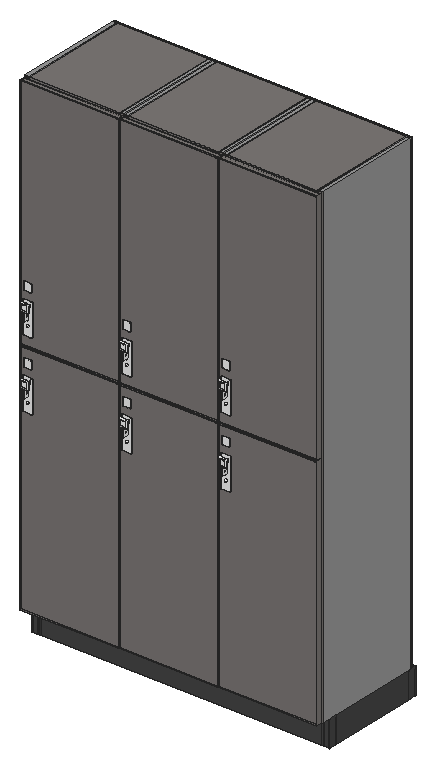
Revit family "Wood_Lockers_Hasps-Salsbury_Industries-15_42000_Series-3_Wide_Units.rfa", category Specialty Equipment, Revit 2016
Family settings
  Part Type = Normal
  Round Connector Dimension = Use Diameter
  OmniClass Number = 23.40.00.00
  OmniClass Title = Equipment and Furnishings
  Work Plane-Based = No
  Always vertical = Yes
  Cut with Voids When Loaded = No
  Shared = No
  Room Calculation Point = No
Parameters (values of type "15-42368")
  Width = 45.000"
  Version = "1.0 (01/31/24)"
  Unit Height including Sloping Hood Only [instance] = 78.868"
  Unit Height including Base Only [instance] = 76.000"
  URL = "www.lockers.com"
  Type Comments = "Premier Wood Lockers - Double Tier - with Hasps"
  Total Doors Height [instance] = if(Unit Height = 72.000", 71.750", if(Unit Height = 60.000", 59.750", 0.000"))  # 71.750"
  Sloping Top Corner Filler - Right Side [instance] = Wood Locker Sloping Corner Fillers : None
  Sloping Top Corner Filler - Left Side [instance] = Wood Locker Sloping Corner Fillers : None
  Sloping In-Line Filler - Right Side [instance] = Wood Locker Sloping In-Line Fillers : None
  Sloping In-Line Filler - Left Side [instance] = Wood Locker Sloping In-Line Fillers : None
  Sloping Hood Height = if(Depth = 15.000", 5.743", if(Depth = 18.000", 6.868", if(Depth = 21.000", 7.993", if(Depth = 24.000", 9.118", 0.000"))))  # 6.868"
  Sloping Hood [instance] = Wood Locker Sloping Hoods : None
  Side Panel without Slope - Right Side [instance] = Wood Locker Side Panels-No Slope : None
  Side Panel without Slope - Left Side [instance] = Wood Locker Side Panels-No Slope : None
  Side Panel with Slope - Right Side [instance] = Wood Locker Side Panels-With Slope : None
  Side Panel with Slope - Left Side [instance] = Wood Locker Side Panels-With Slope : None
  Secondary Structure Materials = Particle Board Industrial Grade - Salsbury Finish - Black Melamine Overlay
  Primary Structure Materials = Particle Board Industrial Grade - Salsbury Finish - Plain
  Overall Unit Height including Base and Sloping Hood [instance] = 82.868"
  OmniClass 23 Title = "Equipment and Furnishings"
  OmniClass 23 Number = "23.40.00.00"
  Model = "15-42368"
  MasterFormat Title = "Lockers"
  MasterFormat Code = "10 51 23"
  Manufacturer = "Salsbury Industries"
  Laminate Surface [instance] = Industrial Grade Particleboard with Wood Laminate - Salsbury Finish - Skyline Walnut
  Unit Height = 72.000"
  Interior Material = Textured Melamine - Salsbury Finish - White
  Individual Door Width [instance] = 14.875"
  Individual Door Height = if(Unit Height = 72.000", 35.781", if(Unit Height = 60.000", 29.781", 0.000"))  # 35.781"
  Hardware = Aluminum - Salsbury Finish - Black Satin
  Front Vertical Filler - Right Side [instance] = Wood Locker Front Fillers : None
  Front Vertical Filler - Left Side [instance] = Wood Locker Front Fillers : None
  Front Corner Filler - Right Side [instance] = Wood Locker Front Corner Filler : None
  Front Corner Filler - Left Side [instance] = Wood Locker Front Corner Filler : None
  Flat Top In-Line Filler - Right Side [instance] = Wood Locker Flat In-Line Fillers : None
  Flat Top In-Line Filler - Left Side [instance] = Wood Locker Flat In-Line Fillers : None
  Flat Top Corner Filler - Right Side [instance] = Wood Locker Flat Corner Fillers : None
  Flat Top Corner Filler - Left Side [instance] = Wood Locker Flat Corner Fillers : None
  Fascia Filler [instance] = Wood Locker Fascia Fillers : None
  Double Side Panel without Slope - Right Side [instance] = Wood Locker Double Side Panels-No Slope : None
  Double Side Panel without Slope - Left Side [instance] = Wood Locker Double Side Panels-No Slope : None
  Double Side Panel with Slope - Right Side [instance] = Wood Locker Double Side Panels-With Slope : None
  Double Side Panel with Slope - Left Side [instance] = Wood Locker Double Side Panels-With Slope : None
  Door Location D2 = Premier Locker Doors_Hasp : Double Tier Door-2 for Six Foot High Locker
  Door Location D1 = Premier Locker Doors_Hasp : Double Tier Door-1 for Six Foot High Locker
  Description = "3 Wide - 6 Feet High - 18 inches Deep - with Base"
  Depth = 18.000"
  Compartment Width [instance] = 13.750"
  Compartment Height [instance] = if(Unit Height = 72.000", 34.875", if(Unit Height = 60.000", 28.875", 0.000"))  # 34.875"
  Compartment Depth [instance] = 16.750"
  Base Material = Particle Board Industrial Grade - Salsbury Finish - Black Melamine Overlay
  Base Height = 4.000"
  Base Depth [instance] = 16.250"
  Base = Wood Locker Bases : Base - 45" W x 18" D Lockers
  Assembly Code = "C1030310"
Reference planes (in)
  plane 1 "Center (Front/Back)": y = 0
  plane 2: z = 0
  plane 3 "Center (Left/Right)": x = 0
  plane 4 "Right Side of Unit": x = 22.5
  plane 5 "Left Side of Unit": x = -22.5
  plane 6 "Back of Unit": y = 9
  plane 7 "Front of Unit": y = -9
  plane 8 "Bottom of Base": z = 0
  plane 9 "Top Edge of Unit": z = 76
  plane 10 "Top of Base Edge": z = 4
  plane 11: z = 82.868
  plane 12 "Right Compartment 3 Edge": x = 21.906
  plane 13 "Left Compartment 1 Edge": x = -21.906
  plane 14 "Front Melamine Edge": y = -8
  plane 15 "Back Compartment Edge": y = 8.781
  plane 16 "Front Compartment Edge": y = -7.969
  plane 17 "Front Edge of Base": y = -6.625
  plane 18 "Bottom Edge of Door": z = 4.125
  plane 19 "Top Edge of Door": z = 75.875
  plane 20 "Bottom Compartment Edge": z = 4.75
  plane 21 "Top Compartment Edge": z = 75.25
  plane 22 "Center Top and Bottom": z = 40
  plane 23 "Left Melamine 1 Edge": x = -21.875
  plane 24 "Right Melamine 3 Edge": x = 21.875
  plane 25 "Back Melamine Edge": y = 8.75
  plane 26 "Left Edge of Door": x = -22.375
  plane 27: y = 9.625
  plane 28: y = -7.25
  plane 29 "Base / Ventillation Alignment": y = 9.625
  plane 30 "Compartment 1-2 Dividing Line": x = -7.5
  plane 31 "Compartment 2-3 Dividing Line": x = 7.5
  plane 32 "Right Compartment 1 Edge": x = -8.094
  plane 33 "Right Melamine 1 Edge": x = -8.125
  plane 34 "Left Compartment 2 Edge": x = -6.906
  plane 35 "Left Melamine 2 Edge": x = -6.875
  plane 36 "Right Compartment 2 Edge": x = 6.906
  plane 37 "Right Melamine 2 Edge": x = 6.875
  plane 38 "Left Compartment 3 Edge": x = 8.094
  plane 39 "Left Melamine 3 Edge": x = 8.125
  plane 40 "Compartment Shelf": z = 40.375
  plane 41: z = 39.625
  plane 42 "Compartment Extrusion Guide": z = 3.5
  plane 43 "Vertical Center of Compartment 1": x = -15
  plane 44 "Vertical Center of Compartment 3": x = 15
  plane 45: z = 39.906
  plane 46: z = 40.094
  plane 47 "Front of Shelf": y = 3.75
  plane 48: y = 3.781
  plane 49 "Top Shelf - Top": z = 70.75
  plane 50 "Top Shelf - Bottom": z = 70
  plane 51 "Bottom Shelf - Top": z = 35.125
  plane 52 "Bottom Shelf - Bottom": z = 34.375
Forms (in)
  Extrusion 1, solid, material "Particle Board Industrial Grade - Salsbury Finish - Plain" <- "Primary Structure Materials"
    sketch origin (22.5, 0, 0) x (0, -1, 0) y (0, 0, 1)
      loop
        line (7.969, 76) -> (-8.75, 76) -> (-8.75, 4) -> (7.969, 4) -> (7.969, 76)
    from 0 to 0.594
  Extrusion 2, solid, material "Particle Board Industrial Grade - Salsbury Finish - Plain" <- "Primary Structure Materials"
    sketch origin (-22.5, 0, 0) x (0, -1, 0) y (0, 0, 1)
      loop
        line (-8.75, 76) -> (-8.75, 4) -> (7.969, 4) -> (7.969, 76) -> (-8.75, 76)
    from 0 to -0.594
  Extrusion 3, solid, material "Textured Melamine - Salsbury Finish - White" <- "Interior Material"
    sketch origin (0, 0, 4) x (0, -1, 0) y (1, 0, 0)
      loop
        line (-8.75, -21.875) -> (7.969, -21.875) -> (7.969, 21.875) -> (-8.75, 21.875) -> (-8.75, -21.875)
    from 0 to 0.75
  Extrusion 4, solid, material "Industrial Grade Particleboard with Wood Laminate - Salsbury Finish - Skyline Walnut" <- "Laminate Surface"
    sketch origin (0, 0, 76) x (0, -1, 0) y (1, 0, 0)
      loop
        line (-8.75, -21.875) -> (8, -21.875) -> (8, 21.875) -> (-8.75, 21.875) -> (-8.75, -21.875)
    from 0 to -0.75
  Extrusion 5, solid, material "Particle Board Industrial Grade - Salsbury Finish - Plain" <- "Primary Structure Materials"
    sketch origin (0, 9, 0) x (1, 0, 0) y (0, 0, 1)
      loop
        line (-22.5, 76) -> (-22.5, 4) -> (22.5, 4) -> (22.5, 76) -> (-22.5, 76)
    from 0 to 0.219
  Extrusion 6, solid, material "Industrial Grade Particleboard with Wood Laminate - Salsbury Finish - Skyline Walnut" <- "Laminate Surface"
    sketch origin (0, -7.969, 0) x (1, 0, 0) y (0, 0, 1)
      loop
        line (-22.5, 76) -> (-22.5, 4) -> (-21.875, 4) -> (-21.875, 76) -> (-22.5, 76)
    from 0 to 0.031
  Extrusion 7, solid, material "Industrial Grade Particleboard with Wood Laminate - Salsbury Finish - Skyline Walnut" <- "Laminate Surface"
    sketch origin (0, -7.969, 0) x (-1, 0, 0) y (0, 0, -1)
      loop
        line (-22.5, -76) -> (-21.875, -76) -> (-21.875, -4) -> (-22.5, -4) -> (-22.5, -76)
    from 0 to 0.031
  Extrusion 8, solid, material "Textured Melamine - Salsbury Finish - White" <- "Interior Material"
    sketch origin (0, 8.75, 0) x (1, 0, 0) y (0, 0, 1)
      loop
        line (-22.5, 76) -> (-22.5, 4) -> (22.5, 4) -> (22.5, 76) -> (-22.5, 76)
    from -0.031 to 0
  Extrusion 9, solid, material "Textured Melamine - Salsbury Finish - White" <- "Interior Material"
    sketch origin (-21.906, 0, 0) x (0, -1, 0) y (0, 0, 1)
      loop
        line (-8.75, 76) -> (-8.75, 4) -> (7.969, 4) -> (7.969, 76) -> (-8.75, 76)
    from 0 to -0.031
  Extrusion 10, solid, material "Textured Melamine - Salsbury Finish - White" <- "Interior Material"
    sketch origin (21.906, 0, 0) x (0, -1, 0) y (0, 0, 1)
      loop
        line (7.969, 76) -> (-8.75, 76) -> (-8.75, 4) -> (7.969, 4) -> (7.969, 76)
    from 0 to 0.031
  Extrusion 11, solid, material "Textured Melamine - Salsbury Finish - White" <- "Interior Material", detail levels fine
    sketch origin (0, 0, 40.375) x (0, -1, 0) y (1, 0, 0)
      loop
        line (-8.75, -21.875) -> (7.969, -21.875) -> (7.969, 21.875) -> (-8.75, 21.875) -> (-8.75, -21.875)
    from 0 to -0.75
  Extrusion 12, void
    sketch origin (0, 0, 76) x (0, -1, 0) y (1, 0, 0)
      loop
        line (-8.75, -8.125) -> (8, -8.125) -> (8, -6.875) -> (-8.75, -6.875) -> (-8.75, -8.125)
    from -72.5 to 0
  Extrusion 13, void
    sketch origin (12, 0, 76) x (0, -1, 0) y (1, 0, 0)
      loop
        line (-8.75, -5.125) -> (8, -5.125) -> (8, -3.875) -> (-8.75, -3.875) -> (-8.75, -5.125)
    from -72.5 to 0
  Extrusion 14, solid, material "Particle Board Industrial Grade - Salsbury Finish - Plain" <- "Primary Structure Materials"
    sketch origin (6.0625, 0, 0) x (0, -1, 0) y (0, 0, 1)
      loop
        line (7.969, 76) -> (-8.75, 76) -> (-8.75, 4) -> (7.969, 4) -> (7.969, 76)
    from -1.4375 to -0.8435
  Extrusion 15, solid, material "Textured Melamine - Salsbury Finish - White" <- "Interior Material"
    sketch origin (5.4685, 0, 0) x (0, -1, 0) y (0, 0, 1)
      loop
        line (7.969, 76) -> (-8.75, 76) -> (-8.75, 4) -> (7.969, 4) -> (7.969, 76)
    from -1.4375 to -1.4065
  Extrusion 16, solid, material "Particle Board Industrial Grade - Salsbury Finish - Plain" <- "Primary Structure Materials"
    sketch origin (-5.9375, 0, 0) x (0, -1, 0) y (0, 0, 1)
      loop
        line (7.969, 76) -> (-8.75, 76) -> (-8.75, 4) -> (7.969, 4) -> (7.969, 76)
    from 1.5625 to 2.1565
  Extrusion 17, solid, material "Textured Melamine - Salsbury Finish - White" <- "Interior Material"
    sketch origin (-6.5315, 0, 0) x (0, -1, 0) y (0, 0, 1)
      loop
        line (7.969, 76) -> (-8.75, 76) -> (-8.75, 4) -> (7.969, 4) -> (7.969, 76)
    from 1.5625 to 1.5935
  Extrusion 18, solid, material "Particle Board Industrial Grade - Salsbury Finish - Plain" <- "Primary Structure Materials"
    sketch origin (-5.9375, 0, 0) x (0, -1, 0) y (0, 0, 1)
      loop
        line (-8.75, 76) -> (-8.75, 4) -> (7.969, 4) -> (7.969, 76) -> (-8.75, 76)
    from 1.5625 to 0.9685
  Extrusion 19, solid, material "Textured Melamine - Salsbury Finish - White" <- "Interior Material"
    sketch origin (-5.3435, 0, 0) x (0, -1, 0) y (0, 0, 1)
      loop
        line (-8.75, 76) -> (-8.75, 4) -> (7.969, 4) -> (7.969, 76) -> (-8.75, 76)
    from 1.5625 to 1.5315
  Extrusion 20, solid, material "Particle Board Industrial Grade - Salsbury Finish - Plain" <- "Primary Structure Materials"
    sketch origin (6.0625, 0, 0) x (0, -1, 0) y (0, 0, 1)
      loop
        line (-8.75, 76) -> (-8.75, 4) -> (7.969, 4) -> (7.969, 76) -> (-8.75, 76)
    from -1.4375 to -2.0315
  Extrusion 21, solid, material "Textured Melamine - Salsbury Finish - White" <- "Interior Material"
    sketch origin (6.6565, 0, 0) x (0, -1, 0) y (0, 0, 1)
      loop
        line (-8.75, 76) -> (-8.75, 4) -> (7.969, 4) -> (7.969, 76) -> (-8.75, 76)
    from -1.4375 to -1.4685
  Extrusion 22, solid, material "Industrial Grade Particleboard with Wood Laminate - Salsbury Finish - Skyline Walnut" <- "Laminate Surface"
    sketch origin (11.375, -7.969, 0) x (1, 0, 0) y (0, 0, 1)
      loop
        line (-19.5, 76) -> (-19.5, 4) -> (-18.25, 4) -> (-18.25, 76) -> (-19.5, 76)
    from 0 to 0.031
  Extrusion 23, solid, material "Industrial Grade Particleboard with Wood Laminate - Salsbury Finish - Skyline Walnut" <- "Laminate Surface"
    sketch origin (23.375, -7.969, 0) x (1, 0, 0) y (0, 0, 1)
      loop
        line (-16.5, 76) -> (-16.5, 4) -> (-15.25, 4) -> (-15.25, 76) -> (-16.5, 76)
    from 0 to 0.031
  Extrusion 24, solid, material "Industrial Grade Particleboard with Wood Laminate - Salsbury Finish - Skyline Walnut" <- "Laminate Surface"
    sketch origin (0, -7.969, 0) x (1, 0, 0) y (0, 0, 1)
      loop
        line (-21.875, 40.375) -> (-21.875, 39.625) -> (21.875, 39.625) -> (21.875, 40.375) -> (-21.875, 40.375)
    from 0 to 0.031
  Extrusion 25, solid, material "Industrial Grade Particleboard with Wood Laminate - Salsbury Finish - Skyline Walnut" <- "Laminate Surface"
    sketch origin (0, -7.969, 0) x (1, 0, 0) y (0, 0, 1)
      loop
        line (-21.875, 4.75) -> (-21.875, 4) -> (21.875, 4) -> (21.875, 4.75) -> (-21.875, 4.75)
    from 0 to 0.031
  Extrusion 26, solid, material "Textured Melamine - Salsbury Finish - White" <- "Interior Material"
    sketch origin (0, 0, 70.75) x (0, -1, 0) y (1, 0, 0)
      loop
        line (-8.75, -21.875) -> (-3.781, -21.875) -> (-3.781, 21.875) -> (-8.75, 21.875) -> (-8.75, -21.875)
    from 0 to -0.75
  Extrusion 27, solid, material "Textured Melamine - Salsbury Finish - White" <- "Interior Material"
    sketch origin (0, 0, 35.125) x (0, -1, 0) y (1, 0, 0)
      loop
        line (-8.75, -21.875) -> (-3.781, -21.875) -> (-3.781, 21.875) -> (-8.75, 21.875) -> (-8.75, -21.875)
    from 0 to -0.75
  Extrusion 28, solid, material "Industrial Grade Particleboard with Wood Laminate - Salsbury Finish - Skyline Walnut" <- "Laminate Surface"
    sketch origin (0, 3.75, 0) x (1, 0, 0) y (0, 0, 1)
      loop
        line (-21.875, 70.75) -> (-21.875, 70) -> (21.875, 70) -> (21.875, 70.75) -> (-21.875, 70.75)
    from 0 to -0.031
  Extrusion 29, solid, material "Industrial Grade Particleboard with Wood Laminate - Salsbury Finish - Skyline Walnut" <- "Laminate Surface"
    sketch origin (0, 3.75, 0) x (1, 0, 0) y (0, 0, 1)
      loop
        line (-21.875, 35.125) -> (-21.875, 34.375) -> (21.875, 34.375) -> (21.875, 35.125) -> (-21.875, 35.125)
    from 0 to -0.031
Cuts and joins
  Extrusion 12, Extrusion 13 cuts Extrusion 4
  Extrusion 12, Extrusion 13 cuts Extrusion 11
  Extrusion 12, Extrusion 13 cuts Extrusion 3
  Extrusion 13 cuts Extrusion 8
Lines and regions (in)
  symbolic lines
    curve 1: line (-22.5, 8.75, 76) -> (22.50006, 8.75, 76)
    curve 2: line (-22.5, 8.75, 0) -> (-22.5, 8.75, 76)
    curve 3: line (22.50006, 8.75, 76) -> (22.50006, 8.75, 0)
    curve 4: line (21.906, -8, 76) -> (21.906, 9.625, 76)
    curve 5: line (21.906, -8, 0) -> (21.906, -8, 76)
    curve 6: line (21.906, 9.625, 76) -> (21.906, 9.625, 0)
    curve 7: line (22.50006, 8.75, 0) -> (-22.5, 8.75, 0)
    curve 8: line (21.906, -6.625, 0) -> (21.906, 9.625, 0)
    curve 9: line (21.906, 9.625, 0) -> (21.906, -6.625, 0)
    curve 10: line (21.906, -8, 0) -> (21.906, 9.625, 0)
    curve 11: line (-22.5, 9.625, 0) -> (22.5, 9.625, 0)
    curve 12: line (-22.5, -8, 0) -> (-22.5, 9.625, 0)
    curve 13: line (22.5, -8, 0) -> (-22.5, -8, 0)
    curve 14: line (22.5, 9.625, 0) -> (22.5, -8, 0)
Dimensions and locks (in)
  equal spacing: plane 5 "Left Side of Unit", plane 43 "Vertical Center of Compartment 1", plane 30 "Compartment 1-2 Dividing Line", plane 3 "Center (Left/Right)", plane 31 "Compartment 2-3 Dividing Line", plane 44 "Vertical Center of Compartment 3", plane 4 "Right Side of Unit"
  "Width": plane 5 "Left Side of Unit" to plane 4 "Right Side of Unit"
  equal spacing: plane 7 "Front of Unit", plane 1 "Center (Front/Back)", plane 6 "Back of Unit"
  "Depth": plane 7 "Front of Unit" to plane 6 "Back of Unit"
  "Base Height": plane 10 "Top of Base Edge" to plane 8 "Bottom of Base"
  "Unit Height": plane 9 "Top Edge of Unit" to plane 10 "Top of Base Edge"
  "Sloping Hood Height": plane 11 to plane 9 "Top Edge of Unit"
  locked: plane 12 "Right Compartment 3 Edge" to plane 4 "Right Side of Unit" at 0.594
  locked: plane 5 "Left Side of Unit" to plane 13 "Left Compartment 1 Edge" at 0.594
  locked: plane 7 "Front of Unit" to plane 14 "Front Melamine Edge" at 1
  locked: plane 15 "Back Compartment Edge" to plane 6 "Back of Unit" at 0.219
  locked: plane 14 "Front Melamine Edge" to plane 16 "Front Compartment Edge" at 0.031
  plane 18 "Bottom Edge of Door" to plane 10 "Top of Base Edge" = 0.125"
  plane 9 "Top Edge of Unit" to plane 19 "Top Edge of Door" = 0.125"
  plane 20 "Bottom Compartment Edge" to plane 10 "Top of Base Edge" = 0.750"
  plane 9 "Top Edge of Unit" to plane 21 "Top Compartment Edge" = 0.750"
  equal spacing: plane 9 "Top Edge of Unit", plane 22 "Center Top and Bottom", plane 10 "Top of Base Edge"
  locked: plane 24 "Right Melamine 3 Edge" to plane 12 "Right Compartment 3 Edge" at 0.031
  locked: plane 13 "Left Compartment 1 Edge" to plane 23 "Left Melamine 1 Edge" at 0.031
  locked: plane 25 "Back Melamine Edge" to plane 15 "Back Compartment Edge" at 0.031
  locked: plane 5 "Left Side of Unit" to plane 26 "Left Edge of Door" at 0.125
  "Individual Door Width": plane 26 "Left Edge of Door" to plane 30 "Compartment 1-2 Dividing Line"
  "Total Doors Height": plane 19 "Top Edge of Door" to plane 18 "Bottom Edge of Door"
  "Unit Height including Base Only": plane 9 "Top Edge of Unit" to plane 8 "Bottom of Base"
  "Unit Height including Sloping Hood Only": plane 11 to plane 10 "Top of Base Edge"
  "Overall Unit Height including Base and Sloping Hood": plane 11 to plane 8 "Bottom of Base"
  locked: plane 7 "Front of Unit" to plane 17 "Front Edge of Base" at 2.375
  locked: plane 6 "Back of Unit" to plane 27 at 0.625
  "Base Depth": plane 17 "Front Edge of Base" to plane 27
  "Compartment Width": plane 23 "Left Melamine 1 Edge" to plane 33 "Right Melamine 1 Edge"
  "Compartment Height": plane 41 to plane 20 "Bottom Compartment Edge"
  "Compartment Depth": plane 14 "Front Melamine Edge" to plane 25 "Back Melamine Edge"
  locked: plane 14 "Front Melamine Edge" to plane 28 at 0.75
  plane 14 "Front Melamine Edge" to plane 27 = 17.625"
  Extrusion 2 to Extrusion 9 = 16.719"
  plane 6 "Back of Unit" to plane 29 "Base / Ventillation Alignment" = 0.625"
  plane 32 "Right Compartment 1 Edge" to plane 30 "Compartment 1-2 Dividing Line" to plane 34 "Left Compartment 2 Edge" = 0.594" locked, 0.594" locked
  plane 36 "Right Compartment 2 Edge" to plane 31 "Compartment 2-3 Dividing Line" to plane 38 "Left Compartment 3 Edge" = 0.594" locked, 0.594" locked
  locked: plane 37 "Right Melamine 2 Edge" to plane 36 "Right Compartment 2 Edge" at 0.031
  locked: plane 38 "Left Compartment 3 Edge" to plane 39 "Left Melamine 3 Edge" at 0.031
  locked: plane 34 "Left Compartment 2 Edge" to plane 35 "Left Melamine 2 Edge" at 0.031
  plane 33 "Right Melamine 1 Edge" to plane 32 "Right Compartment 1 Edge" = 0.031"
  locked: plane 40 "Compartment Shelf" to plane 41 at 0.75
  locked: plane 10 "Top of Base Edge" to plane 42 "Compartment Extrusion Guide" at 0.5
  locked: plane 46 to plane 45 at 0.188
  "Individual Door Height": plane 45 to plane 18 "Bottom Edge of Door"
  plane 47 "Front of Shelf" to plane 25 "Back Melamine Edge" = 5.000"
  locked: plane 47 "Front of Shelf" to plane 48 at 0.031
  plane 21 "Top Compartment Edge" to plane 49 "Top Shelf - Top" to plane 50 "Top Shelf - Bottom" = 4.500" locked, 0.750" locked
  plane 41 to plane 51 "Bottom Shelf - Top" to plane 52 "Bottom Shelf - Bottom" = 4.500" locked, 0.750" locked
  aligned and locked: level to plane 2
  aligned and locked: plane 15 "Back Compartment Edge" to Extrusion 5
  aligned and locked: plane 4 "Right Side of Unit" to nested 1
  aligned and locked: plane 18 "Bottom Edge of Door" to nested 1
  aligned and locked: plane 7 "Front of Unit" to nested 1
  aligned and locked: plane 5 "Left Side of Unit" to nested 2
  aligned and locked: nested 2 to plane 14 "Front Melamine Edge"
  aligned and locked: nested 2 to plane 9 "Top Edge of Unit"
  aligned and locked: plane 4 "Right Side of Unit" to nested 3
  aligned and locked: nested 3 to plane 9 "Top Edge of Unit"
  aligned and locked: nested 3 to plane 14 "Front Melamine Edge"
  aligned and locked: plane 9 "Top Edge of Unit" to nested 4
  aligned and locked: plane 28 to nested 4
  aligned and locked: nested 5 to plane 28
  aligned and locked: plane 5 "Left Side of Unit" to nested 5
  aligned and locked: plane 4 "Right Side of Unit" to nested 4
  aligned and locked: nested 5 to plane 9 "Top Edge of Unit"
  aligned and locked: nested 7 to plane 5 "Left Side of Unit"
  aligned and locked: nested 6 to plane 4 "Right Side of Unit"
  aligned and locked: plane 14 "Front Melamine Edge" to nested 6
  aligned and locked: plane 14 "Front Melamine Edge" to nested 7
  aligned and locked: plane 10 "Top of Base Edge" to nested 6
  aligned and locked: plane 10 "Top of Base Edge" to nested 7
  aligned and locked: plane 5 "Left Side of Unit" to nested 8
  aligned and locked: plane 4 "Right Side of Unit" to nested 9
  aligned and locked: nested 9 to plane 10 "Top of Base Edge"
  aligned and locked: nested 8 to plane 10 "Top of Base Edge"
  aligned and locked: plane 16 "Front Compartment Edge" to nested 9
  aligned and locked: plane 14 "Front Melamine Edge" to nested 8
  aligned and locked: plane 4 "Right Side of Unit" to nested 10
  aligned and locked: nested 10 to plane 10 "Top of Base Edge"
  aligned and locked: plane 14 "Front Melamine Edge" to nested 10
  aligned and locked: plane 14 "Front Melamine Edge" to nested 11
  aligned and locked: nested 11 to nested 3
  aligned and locked: plane 10 "Top of Base Edge" to nested 11
  aligned and locked: nested 12 to plane 5 "Left Side of Unit"
  aligned and locked: plane 14 "Front Melamine Edge" to nested 12
  aligned and locked: plane 10 "Top of Base Edge" to nested 12
  aligned and locked: plane 14 "Front Melamine Edge" to nested 13
  aligned and locked: nested 13 to plane 4 "Right Side of Unit"
  aligned and locked: plane 14 "Front Melamine Edge" to nested 14
  aligned and locked: nested 14 to plane 5 "Left Side of Unit"
  aligned and locked: plane 10 "Top of Base Edge" to nested 13
  aligned and locked: plane 10 "Top of Base Edge" to nested 14
  aligned and locked: plane 14 "Front Melamine Edge" to nested 15
  aligned and locked: plane 4 "Right Side of Unit" to nested 15
  aligned and locked: plane 14 "Front Melamine Edge" to nested 16
  aligned and locked: plane 5 "Left Side of Unit" to nested 16
  aligned and locked: nested 15 to plane 8 "Bottom of Base"
  aligned and locked: nested 16 to plane 8 "Bottom of Base"
  aligned and locked: nested 17 to plane 5 "Left Side of Unit"
  aligned and locked: nested 18 to plane 4 "Right Side of Unit"
  aligned and locked: nested 18 to plane 14 "Front Melamine Edge"
  aligned and locked: nested 17 to plane 14 "Front Melamine Edge"
  aligned and locked: plane 8 "Bottom of Base" to nested 18
  aligned and locked: plane 8 "Bottom of Base" to nested 17
  aligned and locked: plane 17 "Front Edge of Base" to nested 19
  aligned and locked: nested 20 to plane 9 "Top Edge of Unit"
  aligned and locked: plane 5 "Left Side of Unit" to nested 20
  aligned and locked: nested 21 to plane 9 "Top Edge of Unit"
  aligned and locked: plane 4 "Right Side of Unit" to nested 21
  aligned and locked: nested 21 to plane 14 "Front Melamine Edge"
  aligned and locked: nested 20 to plane 14 "Front Melamine Edge"
  aligned and locked: nested 23 to plane 9 "Top Edge of Unit"
  aligned and locked: plane 4 "Right Side of Unit" to nested 23
  aligned and locked: nested 22 to plane 9 "Top Edge of Unit"
  aligned and locked: plane 5 "Left Side of Unit" to nested 22
  aligned and locked: nested 23 to plane 28
  aligned and locked: nested 22 to plane 28
  aligned and locked: nested 19 to plane 8 "Bottom of Base"
  aligned and locked: plane 3 "Center (Left/Right)" to nested 19
  aligned and locked: plane 25 "Back Melamine Edge" to Extrusion 3 sketch curve
  aligned and locked: Extrusion 3 sketch curve to plane 23 "Left Melamine 1 Edge"
  aligned and locked: plane 24 "Right Melamine 3 Edge" to Extrusion 3 sketch curve
  aligned and locked: plane 25 "Back Melamine Edge" to Extrusion 4 sketch curve
  aligned and locked: plane 24 "Right Melamine 3 Edge" to Extrusion 4 sketch curve
  aligned and locked: Extrusion 4 sketch curve to plane 23 "Left Melamine 1 Edge"
  aligned and locked: Extrusion 4 sketch curve to plane 14 "Front Melamine Edge"
  aligned and locked: Extrusion 4 to plane 9 "Top Edge of Unit"
  aligned and locked: plane 21 "Top Compartment Edge" to Extrusion 4
  aligned and locked: Extrusion 2 sketch curve to plane 9 "Top Edge of Unit"
  aligned and locked: plane 16 "Front Compartment Edge" to Extrusion 2 sketch curve
  aligned and locked: Extrusion 2 sketch curve to plane 25 "Back Melamine Edge"
  aligned and locked: plane 10 "Top of Base Edge" to Extrusion 2 sketch curve
  aligned and locked: Extrusion 2 to plane 13 "Left Compartment 1 Edge"
  aligned and locked: plane 5 "Left Side of Unit" to Extrusion 2
  aligned and locked: plane 10 "Top of Base Edge" to Extrusion 9 sketch curve
  aligned and locked: Extrusion 9 sketch curve to plane 25 "Back Melamine Edge"
  aligned and locked: Extrusion 9 sketch curve to plane 9 "Top Edge of Unit"
  aligned and locked: Extrusion 1 sketch curve to plane 16 "Front Compartment Edge"
  aligned and locked: plane 9 "Top Edge of Unit" to Extrusion 1 sketch curve
  aligned and locked: Extrusion 1 sketch curve to plane 10 "Top of Base Edge"
  aligned and locked: plane 25 "Back Melamine Edge" to Extrusion 1 sketch curve
  aligned and locked: Extrusion 1 to plane 4 "Right Side of Unit"
  aligned and locked: plane 12 "Right Compartment 3 Edge" to Extrusion 1
  aligned and locked: Extrusion 10 sketch curve to plane 10 "Top of Base Edge"
  aligned and locked: plane 25 "Back Melamine Edge" to Extrusion 10 sketch curve
  aligned and locked: Extrusion 10 sketch curve to plane 16 "Front Compartment Edge"
  aligned and locked: plane 9 "Top Edge of Unit" to Extrusion 10 sketch curve
  aligned and locked: Extrusion 10 to plane 12 "Right Compartment 3 Edge"
  aligned and locked: plane 24 "Right Melamine 3 Edge" to Extrusion 10
  aligned and locked: Extrusion 8 sketch curve to plane 10 "Top of Base Edge"
  aligned and locked: plane 4 "Right Side of Unit" to Extrusion 8 sketch curve
  aligned and locked: plane 9 "Top Edge of Unit" to Extrusion 8 sketch curve
  aligned and locked: Extrusion 8 sketch curve to plane 5 "Left Side of Unit"
  aligned and locked: Extrusion 8 to plane 15 "Back Compartment Edge"
  aligned and locked: plane 25 "Back Melamine Edge" to Extrusion 8
  aligned and locked: plane 9 "Top Edge of Unit" to Extrusion 5 sketch curve
  aligned and locked: Extrusion 5 sketch curve to plane 5 "Left Side of Unit"
  aligned and locked: Extrusion 5 sketch curve to plane 10 "Top of Base Edge"
  aligned and locked: plane 4 "Right Side of Unit" to Extrusion 5 sketch curve
  aligned and locked: Extrusion 7 sketch curve to plane 9 "Top Edge of Unit"
  aligned and locked: Extrusion 7 sketch curve to plane 4 "Right Side of Unit"
  aligned and locked: plane 24 "Right Melamine 3 Edge" to Extrusion 7 sketch curve
  aligned and locked: plane 10 "Top of Base Edge" to Extrusion 7 sketch curve
  aligned and locked: Extrusion 7 to plane 16 "Front Compartment Edge"
  aligned and locked: plane 14 "Front Melamine Edge" to Extrusion 7
  aligned and locked: plane 10 "Top of Base Edge" to Extrusion 6 sketch curve
  aligned and locked: plane 23 "Left Melamine 1 Edge" to Extrusion 6 sketch curve
  aligned and locked: Extrusion 6 sketch curve to plane 5 "Left Side of Unit"
  aligned and locked: plane 9 "Top Edge of Unit" to Extrusion 6 sketch curve
  aligned and locked: Extrusion 6 to plane 16 "Front Compartment Edge"
  aligned and locked: Extrusion 6 to plane 14 "Front Melamine Edge"
  aligned and locked: plane 16 "Front Compartment Edge" to Extrusion 9
  aligned and locked: plane 13 "Left Compartment 1 Edge" to Extrusion 9
  aligned and locked: nested 2 to curve 1
  aligned and locked: curve 2 to nested 16
  aligned and locked: nested 15 to curve 5
  aligned and locked: curve 9 to nested 19
  aligned and locked: curve 10 to nested 15
  aligned and locked: curve 13 to plane 14 "Front Melamine Edge"
  aligned and locked: curve 12 to plane 5 "Left Side of Unit"
  aligned and locked: plane 29 "Base / Ventillation Alignment" to curve 11
  aligned and locked: plane 29 "Base / Ventillation Alignment" to curve 6
  aligned and locked: plane 14 "Front Melamine Edge" to nested 24
  aligned and locked: plane 9 "Top Edge of Unit" to nested 24
  aligned and locked: plane 3 "Center (Left/Right)" to nested 24
  aligned and locked: plane 14 "Front Melamine Edge" to nested 25
  aligned and locked: plane 3 "Center (Left/Right)" to nested 25
  aligned and locked: plane 9 "Top Edge of Unit" to nested 25
  aligned and locked: plane 25 "Back Melamine Edge" to Extrusion 11 sketch curve
  aligned and locked: Extrusion 11 sketch curve to plane 23 "Left Melamine 1 Edge"
  aligned and locked: plane 24 "Right Melamine 3 Edge" to Extrusion 11 sketch curve
  aligned and locked: Extrusion 12 sketch curve to plane 25 "Back Melamine Edge"
  aligned and locked: plane 33 "Right Melamine 1 Edge" to Extrusion 12 sketch curve
  aligned and locked: plane 14 "Front Melamine Edge" to Extrusion 12 sketch curve
  aligned and locked: Extrusion 12 sketch curve to plane 35 "Left Melamine 2 Edge"
  aligned and locked: Extrusion 12 to plane 9 "Top Edge of Unit"
  aligned and locked: plane 42 "Compartment Extrusion Guide" to Extrusion 12
  aligned and locked: Extrusion 13 sketch curve to plane 37 "Right Melamine 2 Edge"
  aligned and locked: plane 39 "Left Melamine 3 Edge" to Extrusion 13 sketch curve
  aligned and locked: plane 25 "Back Melamine Edge" to Extrusion 13 sketch curve
  aligned and locked: Extrusion 13 sketch curve to plane 14 "Front Melamine Edge"
  aligned and locked: plane 42 "Compartment Extrusion Guide" to Extrusion 13
  aligned and locked: Extrusion 13 to plane 9 "Top Edge of Unit"
  aligned and locked: plane 9 "Top Edge of Unit" to Extrusion 14 sketch curve
  aligned and locked: plane 25 "Back Melamine Edge" to Extrusion 14 sketch curve
  aligned and locked: Extrusion 14 sketch curve to plane 10 "Top of Base Edge"
  aligned and locked: Extrusion 14 sketch curve to plane 16 "Front Compartment Edge"
  aligned and locked: plane 36 "Right Compartment 2 Edge" to Extrusion 14
  aligned and locked: Extrusion 14 to plane 31 "Compartment 2-3 Dividing Line"
  aligned and locked: plane 25 "Back Melamine Edge" to Extrusion 15 sketch curve
  aligned and locked: plane 9 "Top Edge of Unit" to Extrusion 15 sketch curve
  aligned and locked: Extrusion 15 sketch curve to plane 10 "Top of Base Edge"
  aligned and locked: Extrusion 15 sketch curve to plane 16 "Front Compartment Edge"
  aligned and locked: Extrusion 15 to plane 36 "Right Compartment 2 Edge"
  aligned and locked: plane 37 "Right Melamine 2 Edge" to Extrusion 15
  aligned and locked: plane 25 "Back Melamine Edge" to Extrusion 16 sketch curve
  aligned and locked: plane 9 "Top Edge of Unit" to Extrusion 16 sketch curve
  aligned and locked: Extrusion 16 sketch curve to plane 10 "Top of Base Edge"
  aligned and locked: Extrusion 16 sketch curve to plane 16 "Front Compartment Edge"
  aligned and locked: plane 32 "Right Compartment 1 Edge" to Extrusion 16
  aligned and locked: Extrusion 16 to plane 30 "Compartment 1-2 Dividing Line"
  aligned and locked: plane 25 "Back Melamine Edge" to Extrusion 17 sketch curve
  aligned and locked: plane 9 "Top Edge of Unit" to Extrusion 17 sketch curve
  aligned and locked: Extrusion 17 sketch curve to plane 10 "Top of Base Edge"
  aligned and locked: Extrusion 17 sketch curve to plane 16 "Front Compartment Edge"
  aligned and locked: Extrusion 17 to plane 32 "Right Compartment 1 Edge"
  aligned and locked: plane 33 "Right Melamine 1 Edge" to Extrusion 17
  aligned and locked: plane 10 "Top of Base Edge" to Extrusion 18 sketch curve
  aligned and locked: plane 16 "Front Compartment Edge" to Extrusion 18 sketch curve
  aligned and locked: Extrusion 18 sketch curve to plane 25 "Back Melamine Edge"
  aligned and locked: Extrusion 18 sketch curve to plane 9 "Top Edge of Unit"
  aligned and locked: Extrusion 18 to plane 34 "Left Compartment 2 Edge"
  aligned and locked: plane 30 "Compartment 1-2 Dividing Line" to Extrusion 18
  aligned and locked: Extrusion 19 sketch curve to plane 25 "Back Melamine Edge"
  aligned and locked: Extrusion 19 sketch curve to plane 9 "Top Edge of Unit"
  aligned and locked: plane 10 "Top of Base Edge" to Extrusion 19 sketch curve
  aligned and locked: plane 16 "Front Compartment Edge" to Extrusion 19 sketch curve
  aligned and locked: Extrusion 19 to plane 35 "Left Melamine 2 Edge"
  aligned and locked: plane 34 "Left Compartment 2 Edge" to Extrusion 19
  aligned and locked: plane 16 "Front Compartment Edge" to Extrusion 20 sketch curve
  aligned and locked: plane 10 "Top of Base Edge" to Extrusion 20 sketch curve
  aligned and locked: Extrusion 20 sketch curve to plane 9 "Top Edge of Unit"
  aligned and locked: Extrusion 20 sketch curve to plane 25 "Back Melamine Edge"
  aligned and locked: plane 31 "Compartment 2-3 Dividing Line" to Extrusion 20
  aligned and locked: Extrusion 20 to plane 38 "Left Compartment 3 Edge"
  aligned and locked: Extrusion 21 sketch curve to plane 25 "Back Melamine Edge"
  aligned and locked: Extrusion 21 sketch curve to plane 9 "Top Edge of Unit"
  aligned and locked: plane 10 "Top of Base Edge" to Extrusion 21 sketch curve
  aligned and locked: plane 16 "Front Compartment Edge" to Extrusion 21 sketch curve
  aligned and locked: Extrusion 21 to plane 39 "Left Melamine 3 Edge"
  aligned and locked: plane 38 "Left Compartment 3 Edge" to Extrusion 21
  aligned and locked: plane 31 "Compartment 2-3 Dividing Line" to nested 26
  aligned and locked: plane 30 "Compartment 1-2 Dividing Line" to nested 27
  aligned and locked: plane 18 "Bottom Edge of Door" to nested 26
  aligned and locked: nested 27 to plane 18 "Bottom Edge of Door"
  aligned and locked: plane 7 "Front of Unit" to nested 26
  aligned and locked: plane 7 "Front of Unit" to nested 27
  aligned and locked: Extrusion 22 sketch curve to plane 33 "Right Melamine 1 Edge"
  aligned and locked: plane 9 "Top Edge of Unit" to Extrusion 22 sketch curve
  aligned and locked: plane 35 "Left Melamine 2 Edge" to Extrusion 22 sketch curve
  aligned and locked: Extrusion 22 sketch curve to plane 10 "Top of Base Edge"
  aligned and locked: Extrusion 22 to plane 16 "Front Compartment Edge"
  aligned and locked: plane 14 "Front Melamine Edge" to Extrusion 22
  aligned and locked: plane 9 "Top Edge of Unit" to Extrusion 23 sketch curve
  aligned and locked: Extrusion 23 sketch curve to plane 37 "Right Melamine 2 Edge"
  aligned and locked: plane 39 "Left Melamine 3 Edge" to Extrusion 23 sketch curve
  aligned and locked: Extrusion 23 sketch curve to plane 10 "Top of Base Edge"
  aligned and locked: Extrusion 23 to plane 16 "Front Compartment Edge"
  aligned and locked: plane 14 "Front Melamine Edge" to Extrusion 23
  aligned and locked: plane 46 to nested 30
  aligned and locked: plane 46 to nested 29
  aligned and locked: plane 30 "Compartment 1-2 Dividing Line" to nested 30
  aligned and locked: plane 31 "Compartment 2-3 Dividing Line" to nested 29
  aligned and locked: plane 46 to nested 28
  aligned and locked: plane 4 "Right Side of Unit" to nested 28
  aligned and locked: plane 7 "Front of Unit" to nested 28
  aligned and locked: plane 7 "Front of Unit" to nested 29
  aligned and locked: plane 7 "Front of Unit" to nested 30
  aligned and locked: plane 16 "Front Compartment Edge" to Extrusion 11
  aligned and locked: plane 16 "Front Compartment Edge" to Extrusion 3
  aligned and locked: Extrusion 24 to plane 40 "Compartment Shelf"
  aligned and locked: plane 41 to Extrusion 24
  aligned and locked: Extrusion 24 to Extrusion 7
  aligned and locked: Extrusion 24 to Extrusion 6
  aligned and locked: Extrusion 24 to plane 14 "Front Melamine Edge"
  aligned and locked: Extrusion 24 to plane 16 "Front Compartment Edge"
  aligned and locked: Extrusion 25 sketch curve to cut or joined group of Extrusion 3, Extrusion 12, Extrusion 13  (x3)
  aligned and locked: Extrusion 7 to Extrusion 25 sketch curve
  aligned and locked: Extrusion 25 to plane 14 "Front Melamine Edge"
  aligned and locked: Extrusion 25 to plane 16 "Front Compartment Edge"
  aligned and locked: Extrusion 26 sketch curve to cut or joined group of Extrusion 4, Extrusion 12, Extrusion 13
  aligned and locked: cut or joined group of Extrusion 4, Extrusion 12, Extrusion 13 to Extrusion 26 sketch curve
  aligned and locked: Extrusion 26 sketch curve to plane 48
  aligned and locked: Extrusion 26 sketch curve to plane 24 "Right Melamine 3 Edge"
  aligned and locked: Extrusion 26 to plane 49 "Top Shelf - Top"
  aligned and locked: Extrusion 26 to plane 50 "Top Shelf - Bottom"
  aligned and locked: Extrusion 27 sketch curve to cut or joined group of Extrusion 4, Extrusion 12, Extrusion 13
  aligned and locked: cut or joined group of Extrusion 4, Extrusion 12, Extrusion 13 to Extrusion 27 sketch curve
  aligned and locked: Extrusion 27 sketch curve to Extrusion 26  (x2)
  aligned and locked: Extrusion 27 to plane 51 "Bottom Shelf - Top"
  aligned and locked: Extrusion 27 to plane 52 "Bottom Shelf - Bottom"
  aligned and locked: Extrusion 28 sketch curve to Extrusion 26  (x4)
  aligned and locked: Extrusion 28 to plane 48
  aligned and locked: Extrusion 28 to plane 47 "Front of Shelf"
  aligned and locked: Extrusion 29 sketch curve to Extrusion 27  (x4)
  aligned and locked: Extrusion 29 to plane 47 "Front of Shelf"
  aligned and locked: Extrusion 29 to plane 48
Automatic sketch dimensions
  Extrusion 9 sketch curve to plane 16 "Front Compartment Edge" = 0.000"
  curve 3 to level = 0.000"
  curve 3 to plane 4 "Right Side of Unit" = 0.00006"
  curve 8 to plane 17 "Front Edge of Base" = 0.000"
  curve 9 to plane 17 "Front Edge of Base" = 0.000"
  plane 9 "Top Edge of Unit" to curve 5 = 0.000"
  curve 13 to plane 4 "Right Side of Unit" = 0.000"
  Extrusion 11 sketch curve to plane 14 "Front Melamine Edge" = 0.031"
  Extrusion 3 sketch curve to plane 14 "Front Melamine Edge" = 0.031"
  Extrusion 24 sketch curve to plane 23 "Left Melamine 1 Edge" = 0.000"
  plane 24 "Right Melamine 3 Edge" to Extrusion 24 sketch curve = 0.000"
  plane 45 to Extrusion 24 sketch curve = 0.281"
  Extrusion 24 sketch curve to plane 46 = 0.281"
Nested families (in)
  nested 1: "Premier Locker Doors_Hasp" at (15.0625, -8.625, 4.125), type <- "Door Location D2", type "Double Tier Door-2 for Six Foot High Locker"
  nested 2: "Wood Locker Sloping Corner Fillers" at (-31.75, -1, 76), type <- "Sloping Top Corner Filler - Left Side", type "None"
  nested 3: "Wood Locker Sloping Corner Fillers" at (31.75, -1, 76) x (-1, 0, 0) z (0, 0, 1), type <- "Sloping Top Corner Filler - Right Side", type "None"
  nested 4: "Wood Locker Flat Corner Fillers" at (30, -3.625, 75.25), type <- "Flat Top Corner Filler - Right Side", type "None"
  nested 5: "Wood Locker Flat Corner Fillers" at (-30, -3.625, 75.25) x (-1, 0, 0) z (0, 0, 1), type <- "Flat Top Corner Filler - Left Side", type "None"
  nested 6: "Wood Locker Side Panels-No Slope" at (22.875, -1, 4) x (0, 1, 0) z (0, 0, 1), type <- "Side Panel without Slope - Right Side", type "None"
  nested 7: "Wood Locker Side Panels-No Slope" at (-22.875, -1, 4) x (0, 1, 0) z (0, 0, 1), type <- "Side Panel without Slope - Left Side", type "None"
  nested 8: "Wood Locker Side Panels-With Slope" at (-22.875, -0.6875, 4) x (0, -1, 0) z (0, 0, 1), type <- "Side Panel with Slope - Left Side", type "None"
  nested 9: "Wood Locker Side Panels-With Slope" at (22.875, -0.6565, 4) x (0, -1, 0) z (0, 0, 1), type <- "Side Panel with Slope - Right Side", type "None"
  nested 10: "Wood Locker Side Panels-With Slope" at (22.875, -0.6875, 4) x (0, -1, 0) z (0, 0, 1), type <- "Side Panel with Slope - Right Side", type "None"
  nested 11: "Wood Locker Double Side Panels-No Slope" at (22.875, -1, 4) x (0, 1, 0) z (0, 0, 1), type <- "Double Side Panel without Slope - Right Side", type "None"
  nested 12: "Wood Locker Double Side Panels-No Slope" at (-22.875, -1, 4) x (0, 1, 0) z (0, 0, 1), type <- "Double Side Panel without Slope - Left Side", type "None"
  nested 13: "Wood Locker Double Side Panels-With Slope" at (22.875, -1, 4) x (0, 1, 0) z (0, 0, 1), type <- "Double Side Panel with Slope - Right Side", type "None"
  nested 14: "Wood Locker Double Side Panels-With Slope" at (-22.875, -1, 4) x (0, 1, 0) z (0, 0, 1), type <- "Double Side Panel with Slope - Left Side", type "None"
  nested 15: "Wood Locker Front Fillers" at (30, -7.625, 0), type <- "Front Vertical Filler - Right Side", type "None"
  nested 16: "Wood Locker Front Fillers" at (-30, -7.625, 0) x (-1, 0, 0) z (0, 0, 1), type <- "Front Vertical Filler - Left Side", type "None"
  nested 17: "Wood Locker Front Corner Filler" at (-23.625, -7.625, 0), type <- "Front Corner Filler - Left Side", type "None"
  nested 18: "Wood Locker Front Corner Filler" at (23.625, -7.625, 0) x (-1, 0, 0) z (0, 0, 1), type <- "Front Corner Filler - Right Side", type "None"
  nested 19: "Wood Locker Bases" at (0, 1.5, 0), type <- "Base", type "Base - 45" W x 18" D Lockers"
  nested 20: "Wood Locker Sloping In-Line Fillers" at (-28.5, -1, 76), type <- "Sloping In-Line Filler - Left Side", type "None"
  nested 21: "Wood Locker Sloping In-Line Fillers" at (28.5, -1, 76) x (-1, 0, 0) z (0, 0, 1), type <- "Sloping In-Line Filler - Right Side", type "None"
  nested 22: "Wood Locker Flat In-Line Fillers" at (-30, -0.625, 75.25), type <- "Flat Top In-Line Filler - Left Side", type "None"
  nested 23: "Wood Locker Flat In-Line Fillers" at (30, -0.625, 75.25) x (-1, 0, 0) z (0, 0, 1), type <- "Flat Top In-Line Filler - Right Side", type "None"
  nested 24: "Wood Locker Fascia Fillers" at (0, -7.625, 76), type <- "Fascia Filler", type "None"
  nested 25: "Wood Locker Sloping Hoods" at (0, -0.6875, 76), type <- "Sloping Hood", type "None"
  nested 26: "Premier Locker Doors_Hasp" at (0.0625, -8.625, 4.125), type <- "Door Location D2", type "Double Tier Door-2 for Six Foot High Locker"
  nested 27: "Premier Locker Doors_Hasp" at (-14.9375, -8.625, 4.125), type <- "Door Location D2", type "Double Tier Door-2 for Six Foot High Locker"
  nested 28: "Premier Locker Doors_Hasp" at (15.0625, -8.625, 40.094), type <- "Door Location D1", type "Double Tier Door-1 for Six Foot High Locker"
  nested 29: "Premier Locker Doors_Hasp" at (0.0625, -8.625, 40.094), type <- "Door Location D1", type "Double Tier Door-1 for Six Foot High Locker"
  nested 30: "Premier Locker Doors_Hasp" at (-14.9375, -8.625, 40.094), type <- "Door Location D1", type "Double Tier Door-1 for Six Foot High Locker"
Definition of nested family "Premier Locker Doors_Hasp"
  Parameters (values of type "Single Tier Door for Six Foot High Locker")
    Width = 14.875"
    Visible Number Plates = yes
    Visible Center Hinge = yes
    Primary Structure Materials = none
    Number Tag-Vertical Offset = 31.625"
    Number Tag-Horizontal Offset = 13.750"
    Number Tag Width = 1.250"
    Number Tag Height = 1.250"
    Model = "Premier Locker Doors"
    Manufacturer = "Salsbury Industries"
    Lock Width = 1.500"
    Lock Height = 4.875"
    Laminate Surface = none
    Height = 71.750"
    Lock Vertical Offset = 35.875"
    Lock Horizontal Offset = 0.375"
    Door Trim = none
    Door Hasps = none
    Depth = 0.750"
    Default Elevation = 48.000"
  Types (7): name | Visible Center Hinge | Number Tag-Vertical Offset | Height | Lock Vertical Offset
    Single Tier Door for Six Foot High Locker | yes | 31.625" | 71.750" | 35.875"
    Double Tier Door-1 for Six Foot High Locker | no | 27.641" | 35.781" | 31.891"
    Double Tier Door-2 for Six Foot High Locker | yes | 2.078" | 35.781" | 6.328"
    Triple Tier Door-1 for Six Foot High Locker | no | 15.651" | 23.791" | 19.901"
    Triple Tier Door-2 for Six Foot High Locker | no | 7.646" | 23.791" | 11.896"
    Triple Tier Door-3 for Six Foot High Locker | no | 2.078" | 23.791" | 6.328"
    Four Tier Door for Six Foot High Locker | no | 4.647" | 17.796" | 8.897"
  Reference planes (in)
    plane 1 "Center (Front/Back)": y = 0
    plane 2: z = 0
    plane 3 "Center (Left/Right)": x = 0
    plane 4 "Left Side of Door": x = -7.4375
    plane 5 "Right Side of Door": x = 7.4375
    plane 6 "Back of Door": y = 0.375
    plane 7 "Front of Door": y = -0.375
    plane 8 "Bottom of Door": z = 0
    plane 9 "Top of Door": z = 71.75
    plane 10 "Center of Door": z = 35.875
    plane 11 "Top of Number Tag": z = 40.75
    plane 12 "Bottom of Number Tag": z = 39.5
    plane 13 "Left Side of Number Tag": x = -6.9375
    plane 14 "Right Side of Number Tag": x = -5.6875
    plane 15 "Horizontal Center of Number Tag": x = -6.3125
    plane 16 "Center of Number Tag": z = 40.125
    plane 17 "Left Side of Lock": x = -7.0625
    plane 18 "Right Side of Lock": x = -5.5625
    plane 19 "Lock Vertical Center": z = 35.875
    plane 20 "Top of Lock": z = 38.3125
    plane 21 "Bottom of Lock": z = 33.4375
    plane 22 "Front of Hasp Stud": y = -0.5
    plane 23 "Left Side of Door-Right Side of Trim": x = -7.3125
    plane 24 "Right Side of Door-Left Side of Trim": x = 7.3125
    plane 25 "Top of Door-Bottom of Trim": z = 71.625
    plane 26 "Bottom of Door-Top of Trim": z = 0.125
    plane 27 "Laminate-Particleboard Line": y = -0.344
    plane 28 "Melamine-Particleboard Line": y = 0.344
    plane 29 "Back of Number Plate Inset": y = -0.313
    plane 30 "Center of Lock": x = -6.3125
    plane 31: y = -0.188
    plane 32 "Door Stopper Plane": y = 0.625
    plane 33: x = -6.9875
    plane 34: z = 71.3
    plane 35 "Top Hinge": z = 68.75
    plane 36: x = 6.8125
    plane 37 "Bottom Hinge": z = 3
    plane 38 "Inner Knob": y = -1.094
    plane 39 "Front of Knob": y = -1.125
    plane 40: z = 37.1875
    plane 41: z = 34.5625
    plane 42: z = 38.1875
    plane 43: x = -5.6875
    plane 44: x = -6.9375
    plane 45: z = 36.9375
    plane 46 "Top of Hole": z = 36.8125
    plane 47: x = -6.1245
    plane 48: x = -6.5005
    plane 49 "Bottom of Hole": z = 35.5625
    plane 50 "Stud Alignment": z = 34.8125
    plane 51 "Center of Handle": z = 37.5625
    plane 52: z = 37.7505
    plane 53: z = 37.3745
    plane 54: z = 37.96546
    plane 55: z = 37.15954
    plane 56 "Front of Latch": y = -1
    plane 57: z = 36.6844
    plane 58: z = 35.6844
    plane 59: z = 36.1844
    plane 60: x = 6.8435
    plane 61: z = 36.6245
    plane 62: z = 35.74816
  Forms (in)
    Extrusion 1, solid, detail levels fine
      sketch origin (0, 0, 0) x (1, 0, 0) y (0, 0, 1)
        loop
          line (-7.4065, 0.031) -> (7.4065, 0.031) -> (7.4065, 71.719) -> (-7.4065, 71.719) -> (-7.4065, 0.031)
      from -0.344 to 0.344
    Extrusion 2, solid, material <- "Laminate Surface", detail levels fine
      sketch origin (0, 0.375, 0) x (1, 0, 0) y (0, 0, 1)
        loop
          line (-7.4065, 0.031) -> (7.4065, 0.031) -> (7.4065, 71.719) -> (-7.4065, 71.719) -> (-7.4065, 0.031)
      from 0.031 to 0
    Extrusion 3, solid, material <- "Laminate Surface"
      sketch origin (0, -0.375, 0) x (1, 0, 0) y (0, 0, 1)
        loop
          line (-7.4065, 0.031) -> (7.4065, 0.031) -> (7.4065, 71.719) -> (-7.4065, 71.719) -> (-7.4065, 0.031)
      from 0 to -0.031
    Sweep 4, solid, material <- "Door Trim"
      path origin (0, 0, 0) x (1, 0, 0) y (0, 0, 1)
        loop
          line (7.3125, 71.625) -> (-7.3125, 71.625) -> (-7.3125, 0.125) -> (7.3125, 0.125) -> (7.3125, 71.625)
      profile origin (0, 0, 71.625) x (0, 0, -1) y (0, -1, 0)
        loop
          line (-0.125, 0.375) -> (-0.125, -0.375) -> (-0.094, -0.375) -> (-0.094, 0.375) -> (-0.125, 0.375)
    Extrusion 5, void
      sketch origin (-1.875, -0.313, 0) x (1, 0, 0) y (0, 0, 1)
        loop
          arc (-4.91334, 40.75) -> (-5.01881, 40.70631) -> (-5.0625, 40.60084) r 0.14916
          line (-5.0625, 40.60084) -> (-5.0625, 39.64916)
          arc (-5.0625, 39.64916) -> (-5.01881, 39.54369) -> (-4.91334, 39.5) r 0.14916
          line (-4.91334, 39.5) -> (-3.96166, 39.5)
          arc (-3.96166, 39.5) -> (-3.85619, 39.54369) -> (-3.8125, 39.64916) r 0.14916
          line (-3.8125, 39.64916) -> (-3.8125, 40.60084)
          arc (-3.8125, 40.60084) -> (-3.85619, 40.70631) -> (-3.96166, 40.75) r 0.14916
          line (-3.96166, 40.75) -> (-4.91334, 40.75)
      from 0 to 0.062
    Extrusion 6, solid, visible <- "Visible Number Plates", detail levels medium+fine
      sketch origin (-1.875, -0.375, 0) x (1, 0, 0) y (0, 0, 1)
        loop
          arc (-4.91334, 40.75) -> (-5.01881, 40.70631) -> (-5.0625, 40.60084) r 0.14916
          line (-5.0625, 40.60084) -> (-5.0625, 39.64916)
          arc (-5.0625, 39.64916) -> (-5.01881, 39.54369) -> (-4.91334, 39.5) r 0.14916
          line (-4.91334, 39.5) -> (-3.96166, 39.5)
          arc (-3.96166, 39.5) -> (-3.85619, 39.54369) -> (-3.8125, 39.64916) r 0.14916
          line (-3.8125, 39.64916) -> (-3.8125, 40.60084)
          arc (-3.8125, 40.60084) -> (-3.85619, 40.70631) -> (-3.96166, 40.75) r 0.14916
          line (-3.96166, 40.75) -> (-4.91334, 40.75)
      from -0.062 to 0
    Extrusion 7, solid, detail levels medium+fine
      sketch origin (0, 0.375, 0) x (1, 0, 0) y (0, 0, 1)
        loop
          circle (-6.9875, 71.3) r 0.25
      from 0 to -0.25
    Extrusion 8, solid, detail levels medium+fine
      sketch origin (0, 0.375, 0) x (1, 0, 0) y (0, 0, 1)
        loop
          line (6.8125, 68.5) -> (6.8125, 69) -> (6.3125, 69) -> (6.3125, 68.5) -> (6.8125, 68.5)
      from 0 to -0.25
    Extrusion 9, solid, detail levels medium+fine
      sketch origin (0, 0.375, -0.25) x (1, 0, 0) y (0, 0, 1)
        loop
          line (6.8125, 3) -> (6.8125, 3.5) -> (6.3125, 3.5) -> (6.3125, 3) -> (6.8125, 3)
      from 0 to -0.25
    Extrusion 10, solid, visible <- "Visible Center Hinge", detail levels medium+fine
      sketch origin (0, 0.375, -0.25) x (1, 0, 0) y (0, 0, 1)
        loop
          line (6.8125, 35.875) -> (6.8125, 36.375) -> (6.3125, 36.375) -> (6.3125, 35.875) -> (6.8125, 35.875)
      from 0 to -0.25
    Extrusion 11, void
      sketch origin (-1.875, -0.375, 0) x (1, 0, 0) y (0, 0, 1)
        loop
          arc (-5.0625, 38.3125) -> (-5.15089, 38.27589) -> (-5.1875, 38.1875) r 0.125
          line (-5.1875, 38.1875) -> (-5.1875, 33.5625)
          arc (-5.1875, 33.5625) -> (-5.15089, 33.47411) -> (-5.0625, 33.4375) r 0.125
          line (-5.0625, 33.4375) -> (-3.8125, 33.4375)
          arc (-3.8125, 33.4375) -> (-3.72411, 33.47411) -> (-3.6875, 33.5625) r 0.125
          line (-3.6875, 33.5625) -> (-3.6875, 38.1875)
          arc (-3.6875, 38.1875) -> (-3.72411, 38.27589) -> (-3.8125, 38.3125) r 0.125
          line (-3.8125, 38.3125) -> (-5.0625, 38.3125)
      from -0.062 to 0
    Extrusion 12, solid
      sketch origin (-1.875, -0.375, 0) x (1, 0, 0) y (0, 0, 1)
        loop
          line (-3.8125, 38.3125) -> (-5.0625, 38.3125)
          arc (-5.0625, 38.3125) -> (-5.15089, 38.27589) -> (-5.1875, 38.1875) r 0.125
          line (-5.1875, 38.1875) -> (-5.1875, 33.5625)
          arc (-5.1875, 33.5625) -> (-5.15089, 33.47411) -> (-5.0625, 33.4375) r 0.125
          line (-5.0625, 33.4375) -> (-3.8125, 33.4375)
          arc (-3.8125, 33.4375) -> (-3.72411, 33.47411) -> (-3.6875, 33.5625) r 0.125
          line (-3.6875, 33.5625) -> (-3.6875, 38.1875)
          arc (-3.6875, 38.1875) -> (-3.72411, 38.27589) -> (-3.8125, 38.3125) r 0.125
      from 0 to -0.062
    Extrusion 13, void
      sketch origin (-1.875, -0.375, 0) x (1, 0, 0) y (0, 0, 1)
        loop
          line (-4.6255, 36.6245) -> (-4.6255, 35.74816)
          arc (-4.6255, 35.74816) -> (-4.4375, 35.56016) -> (-4.2495, 35.74816) r 0.188
          line (-4.2495, 35.74816) -> (-4.2495, 36.6245)
          arc (-4.2495, 36.6245) -> (-4.4375, 36.8125) -> (-4.6255, 36.6245) r 0.188
      from 0 to -0.75
    Sweep 14, solid, detail levels medium+fine
      path origin (-1.875, -0.375, 0) x (1, 0, 0) y (0, 0, 1)
        loop
          circle (-4.4375, 34.8125) r 0.01
      profile origin (-6.3125, -0.375, 34.8225) x (0, 0, -1) y (0, -1, 0)
        loop
          line (0, 0) -> (0, 0.125)
          arc (0, 0.125) -> (-0.10032, 0.09036) -> (-0.156, 0) r 0.15776
          line (-0.156, 0) -> (0, 0)
    Extrusion 15, solid, detail levels medium+fine
      sketch origin (-1.875, -0.375, 0) x (1, 0, 0) y (0, 0, 1)
        loop
          circle (-4.4375, 34.8125) r 0.01
      from 0 to 0.125
    Sweep 16, solid
      path origin (-1.875, -0.375, 0) x (1, 0, 0) y (0, 0, 1)
        loop
          line (-5.0625, 38.1875) -> (-5.0625, 36.9375) -> (-3.8125, 36.9375) -> (-3.8125, 38.1875) -> (-5.0625, 38.1875)
      profile origin (-6.3125, -0.375, 38.1875) x (0, 0, 1) y (0, -1, 0)
        loop
          line (-0.38067, 0) -> (-0.38067, 0.24142)
          arc (-0.38067, 0.24142) -> (-0.34525, 0.34191) -> (-0.25465, 0.39797) r 0.16024
          arc (-0.25465, 0.39797) -> (-0.10494, 0.46941) -> (0, 0.59789) r 0.37946
          spline (0, 0.59789) -> (-0.00179, 0.61485) -> (-0.00715, 0.6316) -> (-0.01601, 0.64793) -> (-0.02825, 0.66364) -> (-0.04373, 0.67852) -> (-0.06225, 0.6924) -> (-0.08358, 0.7051) -> (-0.10745, 0.71647) -> (-0.13357, 0.72635) -> (-0.16161, 0.73463) -> (-0.19123, 0.74121) -> (-0.22204, 0.746)
          arc (-0.22204, 0.746) -> (-0.31051, 0.60028) -> (-0.42829, 0.47704) r 0.78682
          arc (-0.42829, 0.47704) -> (-0.50625, 0.37521) -> (-0.53396, 0.25) r 0.29673
          line (-0.53396, 0.25) -> (-0.53396, 0) -> (-0.38067, 0)
    Blend 17, solid
      base sketch origin (-1.875, -1.125, 0) x (0, 0, -1) y (-1, 0, 0)
        loop
          line (-37.96546, 4.84046) -> (-37.96546, 4.03454) -> (-37.15954, 4.03454) -> (-37.15954, 4.84046) -> (-37.96546, 4.84046)
      top sketch origin (-1.875, -1.125, 0) x (0, 0, -1) y (-1, 0, 0)
        loop
          line (-37.93279, 4.80777) -> (-37.93279, 4.06715) -> (-37.19211, 4.06715) -> (-37.19211, 4.80777) -> (-37.93279, 4.80777)
      from 0 to 0.031
    Extrusion 18, solid
      sketch origin (-6.3125, 0, 0) x (0, 0, -1) y (0, -1, 0)
        loop
          line (-35.6844, 1) -> (-36.6844, 1) -> (-36.6844, -0.375) -> (-35.6844, -0.375) -> (-35.6844, 1)
      from -0.063 to 0.063
    Extrusion 19, void
      sketch origin (-6.3125, 35.51803, 36.85077) x (0, 1, 0) y (0, 0, -1)
        loop
          circle (-36.1844, 0.66637) r 0.25
      from -0.063 to 0.063
  Cuts and joins
    Extrusion 5, Extrusion 13 cuts Extrusion 1
    Extrusion 5, Extrusion 11 cuts Extrusion 3
    Extrusion 13 cuts Extrusion 12
    Extrusion 13 cuts Extrusion 2
    Extrusion 19 cuts Extrusion 18
  Lines and regions (in)
    symbolic lines
      curve 1: line (-7.4375, 0.375, 0) -> (7.4375, 0.375, 0)
      curve 2: line (7.4375, 0.375, 0) -> (7.4375, 0.375, 71.75)
      curve 3: line (7.4375, 0.375, 71.75) -> (-7.4375, 0.375, 71.75)
      curve 4: line (-7.4375, 0.375, 71.75) -> (-7.4375, 0.375, 0)
      curve 5: line (-7.4375, 0.375, 71.625) -> (7.4375, 0.375, 71.625)
      curve 6: line (-7.4375, -0.375, 71.625) -> (-7.4375, 0.375, 71.625)
      curve 7: line (7.4375, -0.375, 71.625) -> (-7.4375, -0.375, 71.625)
      curve 8: line (7.4375, 0.375, 71.625) -> (7.4375, -0.375, 71.625)
      curve 9: line (6.8125, 0.375, 71.625) -> (6.8125, 0.625, 71.625)
      curve 10: line (6.8125, 0.625, 71.625) -> (6.3125, 0.625, 71.625)
      curve 11: line (6.3125, 0.625, 71.625) -> (6.3125, 0.375, 71.625)
      curve 12: line (-7.23713, 0.375, 71.625) -> (-7.23713, 0.625, 71.625)
      curve 13: line (-6.7375, 0.375, 71.625) -> (-6.7375, 0.625, 71.625)
      curve 14: line (-6.7375, 0.625, 71.625) -> (-7.23713, 0.625, 71.625)
      curve 15: line (-6.3125, -0.375, 71.75) -> (-6.3125, 0.375, 71.75)
      curve 16: line (-6.3125, -0.375, 0) -> (-6.3125, -0.375, 71.75)
      curve 17: line (-6.3125, 0.375, 0) -> (-6.3125, -0.375, 0)
      curve 18: line (-6.3125, 0.375, 71.75) -> (-6.3125, 0.375, 0)
      curve 19: line (-6.3125, 0.375, 69) -> (-6.3125, 0.625, 69)
      curve 20: line (-6.3125, 0.625, 69) -> (-6.3125, 0.625, 68.5)
      curve 21: line (-6.3125, 0.625, 68.5) -> (-6.3125, 0.375, 68.5)
      curve 22: line (-6.3125, 0.375, 3.25) -> (-6.3125, 0.625, 3.25)
      curve 23: line (-6.3125, 0.625, 3.25) -> (-6.3125, 0.625, 2.75)
      curve 24: line (-6.3125, 0.625, 2.75) -> (-6.3125, 0.375, 2.75)
      curve 25: line (-6.3125, 0.375, 36.125) -> (-6.3125, 0.625, 36.125)
      curve 26: line (-6.3125, 0.625, 36.125) -> (-6.3125, 0.625, 35.625)
      curve 27: line (-6.3125, 0.625, 35.625) -> (-6.3125, 0.375, 35.625)
      curve 28: line (-7.0625, -0.375, 71.625) -> (-5.5625, -0.375, 71.625)
      curve 29: line (-6.9375, -1.125, 38.3125) -> (-5.6875, -1.125, 38.3125)
      curve 30: arc (-5.5625, -1.125, 38.1875) -> (-5.59911, -1.125, 38.27589) -> (-5.6875, -1.125, 38.3125) r 0.125
      curve 31: arc (-6.9375, -1.125, 38.3125) -> (-7.02589, -1.125, 38.27589) -> (-7.0625, -1.125, 38.1875) r 0.125
      curve 32: line (-7.0625, -1.125, 33.5625) -> (-7.0625, -1.125, 38.1875)
      curve 33: line (-5.5625, -1.125, 38.1875) -> (-5.5625, -1.125, 33.5625)
      curve 34: arc (-5.6875, -1.125, 33.4375) -> (-5.59911, -1.125, 33.47411) -> (-5.5625, -1.125, 33.5625) r 0.125
